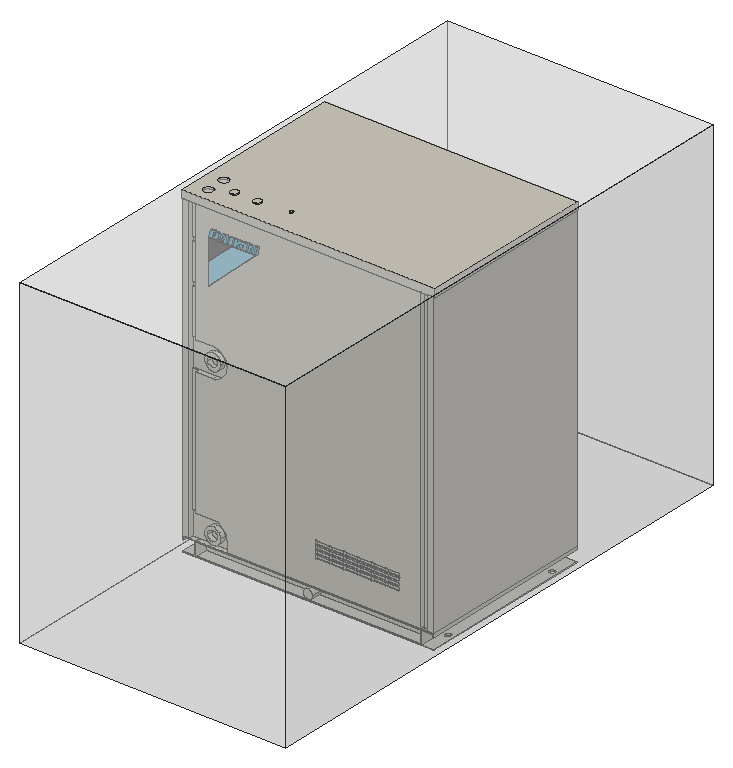
Revit family "outputfile", category 機械設備, Revit 2024
Family settings
  丸型コネクタ寸法 = 半径を使用
  種別 = なし
  パーツ タイプ = 標準
  OmniClass 番号 = 23.75.10.24.21.27.27
  OmniClass タイトル = Split System Air Conditioning Units
  作業面ベース = いいえ
  常に垂直 = はい
  ロード時にボイドで切り取り = いいえ
  注釈の向きを維持 = いいえ
  共有 = いいえ
  部屋計算ポイント = いいえ
Parameters (values of type "RWEYQ10TY1S")
  製造元 = "Daikin"
  書き出し IFC クラス(タイプ) = "IfcUnitaryEquipmentType"
  定義済み IFC タイプ(タイプ) = "AIRCONDITIONINGUNIT"
  モデル = "RWEYQ10TY1S"
  switch_unit1_6-8 = no
  switch_unit1_12 = no
  switch_unit1_10 = yes
  r_Water Outlet Pipe Connection_unit = Water Outlet Pipe Connection_Unit1 / 2  # 15.9 mm
  r_Water Inlet Pipe Connection_unit = Water Inlet Pipe Connection_Unit1 / 2  # 15.9 mm
  r_Drain Pipe Size = Drain Pipe Size / 2  # 6.35 mm
  lw_Water Outlet = 95.0 mm
  lw_Water Inlet = 95.0 mm
  lw_Drain = 390.0 mm
  angle_Drain [instance] = if(Rear Connection_Drain, 180.00°, 0.00°)  # 0.00°
  r_HP/LP Gas Pipe Size [instance] = [HP/LP Gas Pipe Size_Unit 1] / 2  # 11.1 mm
  lw_HP/LP Gas Pipe [instance] = if(Heat Pump, 178.0 mm, 107.0 mm)  # 178.0 mm
  ld_HP/LP Gas Pipe = 69.0 mm
  h_mountinghole = [h_***] + 2.3 mm  # 2.3 mm
  r_Liquid Pipe Size = Liquid Pipe Size_Unit 1 / 2  # 4.75 mm
  r_Gas Pipe Size = Gas Pipe Size_Unit 1 / 2  # 11.1 mm
  Water Outlet Pipe Connection_Unit1 = 31.8 mm
  Water Inlet Pipe Connection_Unit1 = 31.8 mm
  Voltage_comment_50Hz = "380-415"
  Voltage_50Hz = 400 V
  Top Connection_powersupply2 [instance] = not(Top Connection_powersupply1)  # no
  Sound Power Level (dB) = 71
  Rear Connection_Drain [instance] = not(Front Connection_Drain)  # no
  Power Input (Heating) = 5.600 kW
  Phase_50Hz = 3
  Nominal Heating Capacity = 31.500 kW
  Minimum Circuit Amps_50Hz = 13.6 A
  Maximum Fuse Amps_50Hz = 15.0 A
  Material_Heat Exchanger = DAIKIN_Blue_HE_outdoorunit
  Material_Casing = DAIKIN_IvoryWhite_Casing_outdoorunit
  lw_powersupply = 51.0 mm
  lw_liquidpipe = 274.0 mm
  lw_gaspipe [instance] = if(Heat Pump, 107.0 mm, 178.0 mm)  # 107.0 mm
  lh_powersupply = 940.0 mm
  ld_powersupply [instance] = if(Top Connection_powersupply1, 38.0 mm, 98.0 mm)  # 38.0 mm
  ld_liquidpipe = 79.0 mm
  ld_gaspipe = 69.0 mm
  h_*** = 0.0 mm
  Width = 780.0 mm
  Version = "ver.1.0"
  Unit Type = ""
  Unit Mass Weight = 147.00 kg
  Unit Designation [instance] = ""
  Uniclass2015Version = "Products v1.30"
  Uniclass2015Title = "Variable refrigerant flow units"
  Uniclass2015Code = "Pr_70_65_03_94"
  Total Cooling Capacity [instance] = 0.000 kW
  Sound Pressure Level (dBA) = 51
  Series = "VRV Heat Recovery"
  Refrigerant_Base Charge = 4.200 kg
  Refrigerant_Additional Charge [instance] = 0.000 kg
  Refrigerant Type = "R410A"
  Power Input (Cooling) = 5.430 kW
  Option Accessory 3 [instance] = ""
  Option Accessory 2 [instance] = ""
  Option Accessory 1 [instance] = ""
  Nominal Cooling Capacity = 28.000 kW
  Load Classification = HVAC
  Liquid Pipe Size_Unit 1 = 9.5 mm
  Link_Nested Family [instance] = ""
  IfcVersion = ""
  IfcExportType = "AIRCONDITIONINGUNIT"
  IfcExportAs = "IfcUnitaryEquipmentType"
  Height = 1000.0 mm
  Heat Recovery [instance] = not(Heat Pump)  # no
  Heat Pump [instance] = yes
  Heat Exchanger Type = "Stainless Steel Plate"
  HP/LP Gas Pipe Size_Unit 1 [instance] = if(and(Heat Pump, [switch_unit1_6-8]), 19.1 mm, if(and(Heat Pump, switch_unit1_10), 22.2 mm, if(and(Heat Pump, switch_unit1_12), 22.2 mm, if(and(Heat Recovery, [switch_unit1_6-8]), 15.9 mm, if(and(Heat Recovery, switch_unit1_10), 19.1 mm, if(and(Heat Recovery, switch_unit1_12), 19.1 mm, 19.1 mm))))))  # 22.2 mm
  Gas Pipe Size_Unit 1 = 22.2 mm
  Top Connection_powersupply1 [instance] = yes
  Front Connection_Drain [instance] = yes
  Frequency_50Hz = 50 Hz
  Drain Pipe Size = 12.7 mm
  Depth = 550.0 mm
  既定の高さ = 0.0 mm
  Cooling Ambient Wet Bulb Temperature [instance] = 0.00 °C
  Cooling Ambient Dry Bulb Temperature [instance] = 0.00 °C
  Compressor Type = "Hermetically Sealed Scroll Type"
  Clearance visibility [instance] = yes
  Clearance Top = 0.0 mm
  Clearance Right = 20.0 mm
  Clearance Rear = 500.0 mm
  Clearance Left = 20.0 mm
  Clearance Front = 600.0 mm
  Clearance Bottom = 0.0 mm
  CU Tag No. [instance] = ""
Reference planes
  plane 1 "Center (Front/Back)": y = 0
  plane 2 "h_***": z = 0
  plane 3 "Center (Left/Right)": x = 0
  plane 4 "Back": y = 275
  plane 5 "Front": y = -275
  plane 6 "Left": x = -390
  plane 7 "Right": x = 390
  plane 8 "Top": z = 1000
  plane 9 "Clearance Rear": y = 775
  plane 10 "Clearance Front": y = -875
  plane 11 "Clearance Left": x = -410
  plane 12 "Clearance Right": x = 410
  plane 13 "Clearance Top": z = 1000
  plane 14 "Clearance Bottom": z = 0
  plane 15 "Bottom": z = 0
  plane 16 "lw_powersupply": x = -339
  plane 17 "ld_powersupply": y = -237
  plane 18 "lw_liquidpipe": x = -116
  plane 19 "Rear Connection_refrigetant": y = -196
  plane 20 "lw_gaspipe": x = -283
  plane 21 "ld_gaspipe": y = -206
  plane 22 "lh_logo": z = 900
  plane 23 "lw_logo": x = 100
  plane 24 "lh_powersupply": z = 940
  plane 25 "lw_HP/LP Gas Pipe": x = -212
  plane 26 "ld_HP/LP Gas Pipe": y = -206
  plane 27 "lw_Water Inlet": x = -295
  plane 28 "lw_Water Outlet": x = -295
  plane 29 "lw_Drain": x = 0
Dimensions and locks
  equal spacing: plane 4 "Back", plane 1 "Center (Front/Back)", plane 5 "Front"
  "Depth": plane 4 "Back" to plane 5 "Front"
  equal spacing: plane 6 "Left", plane 3 "Center (Left/Right)", plane 7 "Right"
  "Width": plane 6 "Left" to plane 7 "Right"
  "Clearance Rear": plane 9 "Clearance Rear" to plane 4 "Back"
  "Clearance Front": plane 10 "Clearance Front" to plane 5 "Front"
  "Clearance Left": plane 11 "Clearance Left" to plane 6 "Left"
  "Clearance Right": plane 7 "Right" to plane 12 "Clearance Right"
  "Clearance Top": plane 13 "Clearance Top" to plane 8 "Top"
  "h_***": plane 15 "Bottom" to plane 2 "h_***"
  "Height": plane 8 "Top" to plane 15 "Bottom"
  "Clearance Bottom": plane 15 "Bottom" to plane 14 "Clearance Bottom"
  "ld_powersupply": plane 17 "ld_powersupply" to plane 5 "Front"
  "ld_liquidpipe": plane 19 "Rear Connection_refrigetant" to plane 5 "Front"
  "ld_gaspipe": plane 21 "ld_gaspipe" to plane 5 "Front"
  locked: plane 23 "lw_logo" to plane 7 "Right" at 290
  locked: plane 22 "lh_logo" to plane 15 "Bottom" at 900
  "lw_gaspipe": plane 6 "Left" to plane 20 "lw_gaspipe"
  "lw_liquidpipe": plane 6 "Left" to plane 18 "lw_liquidpipe"
  "lw_powersupply": plane 6 "Left" to plane 16 "lw_powersupply"
  "lh_powersupply": plane 24 "lh_powersupply" to plane 15 "Bottom"
  "lw_HP/LP Gas Pipe": plane 6 "Left" to plane 25 "lw_HP/LP Gas Pipe"
  "ld_HP/LP Gas Pipe": plane 26 "ld_HP/LP Gas Pipe" to plane 5 "Front"
  "lw_Water Inlet": plane 6 "Left" to plane 27 "lw_Water Inlet"
  "lw_Water Outlet": plane 6 "Left" to plane 28 "lw_Water Outlet"
  "lw_Drain": plane 6 "Left" to plane 29 "lw_Drain"
  aligned and locked: level to plane 2 "h_***"
  aligned and locked: plane 9 "Clearance Rear" to nested 2
  aligned and locked: nested 2 to plane 10 "Clearance Front"
  aligned and locked: plane 11 "Clearance Left" to nested 2
  aligned and locked: plane 12 "Clearance Right" to nested 2
  aligned and locked: plane 13 "Clearance Top" to nested 2
  aligned and locked: plane 14 "Clearance Bottom" to nested 2
  aligned and locked: plane 8 "Top" to nested 1
  aligned and locked: plane 22 "lh_logo" to nested 7
  aligned and locked: nested 8 to plane 16 "lw_powersupply"
  aligned and locked: nested 9 to plane 20 "lw_gaspipe"
  aligned and locked: nested 10 to plane 18 "lw_liquidpipe"
  aligned and locked: nested 10 to plane 19 "Rear Connection_refrigetant"
  aligned and locked: nested 9 to plane 21 "ld_gaspipe"
  aligned and locked: nested 8 to plane 17 "ld_powersupply"
  aligned and locked: plane 5 "Front" to nested 7
  aligned and locked: plane 24 "lh_powersupply" to nested 8
  aligned and locked: plane 1 "Center (Front/Back)" to nested 11
  aligned and locked: plane 1 "Center (Front/Back)" to nested 12
  aligned and locked: plane 1 "Center (Front/Back)" to nested 13
  aligned and locked: plane 27 "lw_Water Inlet" to nested 11
  aligned and locked: plane 28 "lw_Water Outlet" to nested 12
  aligned and locked: plane 29 "lw_Drain" to nested 13
  aligned and locked: plane 25 "lw_HP/LP Gas Pipe" to nested 14
  aligned and locked: nested 14 to plane 26 "ld_HP/LP Gas Pipe"
Nested families
  nested 1: "DAIKIN_outdoorunit_RWEYQ-TY1S" at (-31, 0, 0), h_*** <- "h_***", Link_Nest <- "Link_Nested Family", h_mountinghole <- "h_mountinghole", Width <- "Width", type "RWEYQ-TY1S"
    with show_fixedhole yes, h_mountinghole 2.3 mm, h_antenna_mountinghole 998.7 mm, h_*** 0.0 mm, array_bolt 5, Width 780.0 mm, Link_Nest "", switch_unit1_6-8 no, switch_unit1_10 yes, Heat Recovery no, Heat Pump yes, HP/LP Pipe Size_Unit 1_L 178.0 mm, HP/LP Pipe Size_Unit 1 22.2 mm, Gas Pipe Size_Unit 1_L 107.0 mm, Gas Pipe Size_Unit 1 22.2 mm
  nested 2: "daikin_clearancespace" at (0, -50, 500.119), visible <- "Clearance visibility", show <- "Clearance visibility", Link_Nested Family <- "Link_Nested Family", type "daikin_clearancespace"
    with width 820.0 mm, show yes, height 1000.0 mm, depth 1650.0 mm, Link_Nested Family ""
  nested 3: "daikin_mountinghole" at (-372, 200, 0), type "daikin_mountinghole"
    with show yes, l_antenna 998.7 mm, h_mountinghole 2.3 mm, Link_Nested Family ""
  nested 4: "daikin_mountinghole" at (372, 200, 0), type "daikin_mountinghole"
    with show yes, l_antenna 998.7 mm, h_mountinghole 2.3 mm, Link_Nested Family ""
  nested 5: "daikin_mountinghole" at (-372, -200, 0), type "daikin_mountinghole"
    with show yes, l_antenna 998.7 mm, h_mountinghole 2.3 mm, Link_Nested Family ""
  nested 6: "daikin_mountinghole" at (372, -200, 0), type "daikin_mountinghole"
    with show yes, l_antenna 998.7 mm, h_mountinghole 2.3 mm, Link_Nested Family ""
  nested 7: "daikin_logo_elevation_w150" at (-212.5, -275, 744.568), type "daikin_logo_elevation_w150"
    with show_logo yes
  nested 8: "daikin_connector_rotate3" at (-339, -237, 940) x (-1, 0, 0) z (0, 0, -1), type "daikin_connector_rotate3"
    with show no, radius 10.0 mm, length 60.0 mm, angle_vertical 0.00°, angle_horizontal 0.00°
  nested 9: "daikin_connector_rotate3" at (-283, -206, 940) x (-1, 0, 0) z (0, 0, -1), radius <- "r_Gas Pipe Size", type "daikin_connector_rotate3"
    with show no, radius 11.1 mm, length 60.0 mm, angle_vertical 0.00°, angle_horizontal 0.00°
  nested 10: "daikin_connector_rotate3" at (-116, -196, 940) x (-1, 0, 0) z (0, 0, -1), radius <- "r_Liquid Pipe Size", type "daikin_connector_rotate3"
    with show no, radius 4.75 mm, length 60.0 mm, angle_vertical 0.00°, angle_horizontal 0.00°
  nested 11: "daikin_connector_rotate3" at (-295, 0, 76), radius <- "r_Water Inlet Pipe Connection_unit", type "daikin_connector_rotate3"
    with show no, radius 15.9 mm, length 275.0 mm, angle_vertical 90.00°, angle_horizontal 0.00°
  nested 12: "daikin_connector_rotate3" at (-295, 0, 556), radius <- "r_Water Outlet Pipe Connection_unit", type "daikin_connector_rotate3"
    with show no, radius 15.9 mm, length 275.0 mm, angle_vertical 90.00°, angle_horizontal 0.00°
  nested 13: "daikin_connector_rotate3" at (0, 0, 19), angle_horizontal <- "angle_Drain", radius <- "r_Drain Pipe Size", type "daikin_connector_rotate3"
    with show no, radius 6.35 mm, length 275.0 mm, angle_vertical 90.00°, angle_horizontal 0.00°
  nested 14: "daikin_connector_rotate3" at (-212, -206, 940) x (1, 0, 0) z (0, 0, -1), radius <- "r_HP/LP Gas Pipe Size", type "daikin_connector_rotate3"
    with show no, radius 11.1 mm, length 60.0 mm, angle_vertical 0.00°, angle_horizontal 0.00°
Connectors
  piping at (-116, -196, 1000), diameter 9.5, driven by "r_Liquid Pipe Size"
    settings: on nested 10, index 12, connector inside diameter 609.6 mm, connector length 0.0 mm, flow factor 0, pipe flow 0.00 m³/h, pressure drop 0.0 Pa, fitting loss kfactor 0, connector angle 0.00°, fixture units 0, engagement length 0.0 mm, angle of deflection 0.00°, flow configuration 0, flow direction 2, fitting loss method 0, system type 29, joint type 0, gender type 0, connector reference index -1, connector utility 0, adjustable connector no, is connector primary no, connector description "Refrigerant Liquid Piping"
  electrical at (-339, -237, 1000), driven by "Load Classification"
    settings: on nested 8, index 13, voltage 0 V, apparent load 0 VA, apparent load phase1 0 VA, apparent load phase2 0 VA, apparent load phase3 0 VA, power factor 1, load classification "HVAC", number of poles 1, system type 30, power factor state 1, is connector primary yes, connector utility no, sub classification motor no, connector description "Power Supply"
  piping at (-295, -275, 556), diameter 31.8, driven by "r_Water Outlet Pipe Connection_unit"
    settings: on nested 12, index 15, connector inside diameter 609.6 mm, connector length 0.0 mm, flow factor 0, pipe flow 0.00 m³/h, pressure drop 0.0 Pa, fitting loss kfactor 0, connector angle 0.00°, fixture units 0, engagement length 0.0 mm, angle of deflection 0.00°, flow configuration 1, flow direction 2, fitting loss method 0, system type 8, joint type 0, gender type 0, connector reference index -1, connector utility 0, adjustable connector no, is connector primary no, connector description "Cooling Water Outlet Piping"
  piping at (-295, -275, 76), diameter 31.8, driven by "r_Water Inlet Pipe Connection_unit"
    settings: on nested 11, index 16, connector inside diameter 609.6 mm, connector length 0.0 mm, flow factor 0, pipe flow 0.00 m³/h, pressure drop 0.0 Pa, fitting loss kfactor 0, connector angle 0.00°, fixture units 0, engagement length 0.0 mm, angle of deflection 0.00°, flow configuration 1, flow direction 1, fitting loss method 0, system type 7, joint type 0, gender type 0, connector reference index -1, connector utility 0, adjustable connector no, is connector primary no, connector description "Cooling Water Inlet  Piping"
  piping at (0, -275, 19), diameter 12.7, driven by "r_Drain Pipe Size"
    settings: on nested 13, index 17, connector inside diameter 609.6 mm, connector length 0.0 mm, flow factor 0, pipe flow 0.00 m³/h, pressure drop 0.0 Pa, fitting loss kfactor 0, connector angle 0.00°, fixture units 0, engagement length 0.0 mm, angle of deflection 0.00°, flow configuration 1, flow direction 2, fitting loss method 4, system type 16, joint type 0, gender type 0, connector reference index -1, connector utility 0, adjustable connector no, is connector primary no, connector description "Condensate Drain Piping"
  piping at (-212, -206, 1000), diameter 22.2, driven by "r_HP/LP Gas Pipe Size"
    settings: on nested 14, index 19, connector inside diameter 609.6 mm, connector length 0.0 mm, flow factor 0, pipe flow 0.00 m³/h, pressure drop 0.0 Pa, fitting loss kfactor 0, connector angle 0.00°, fixture units 0, engagement length 0.0 mm, angle of deflection 0.00°, flow configuration 0, flow direction 0, fitting loss method 0, system type 29, joint type 0, gender type 0, connector reference index -1, connector utility 0, adjustable connector no, is connector primary no, connector description "Refrigerant HP/LP Gas Piping"
  piping at (-283, -206, 1000), diameter 22.2, driven by "r_Gas Pipe Size"
    settings: on nested 9, index 20, connector inside diameter 609.6 mm, connector length 0.0 mm, flow factor 0, pipe flow 0.00 m³/h, pressure drop 0.0 Pa, fitting loss kfactor 0, connector angle 0.00°, fixture units 0, engagement length 0.0 mm, angle of deflection 0.00°, flow configuration 0, flow direction 1, fitting loss method 0, system type 29, joint type 0, gender type 0, connector reference index -1, connector utility 0, adjustable connector no, is connector primary yes, connector description "Refrigerant Gas Piping"
Definition of nested family "DAIKIN_outdoorunit_RWEYQ-TY1S"
  Parameters (values of type "RWEYQ-TY1S")
    w_wiremesh_right = 668.0 mm  # constant formula
    w_wiremesh_left = 590.0 mm  # constant formula
    w_wiremesh_front = 248.0 mm  # constant formula
    switch_unit1_6-8 = yes
    switch_unit1_12 = no
    switch_unit1_10 = no
    show_fixedhole [instance] = yes
    material_heatexchanger = none
    material_casing = none
    ld_hole1_bottom = 154.0 mm  # constant formula
    h_wiremesh = 900.0 mm  # constant formula
    h_mountinghole [instance] = 2.3 mm
    h_antenna_mountinghole [instance] = Height + 1.0 mm - 2.3 mm  # 998.7 mm
    h_*** [instance] = 0.0 mm
    array_bolt [instance] = 5
    Width [instance] = 780.0 mm
    Liquid Pipe Size_Unit 1 = if([switch_unit1_6-8], 9.5 mm, if(switch_unit1_10, 9.5 mm, if(switch_unit1_12, 12.7 mm, 9.5 mm)))  # 9.5 mm
    Link_Nest [instance] = ""
    Height = 1000.0 mm
    Heat Recovery = not(Heat Pump)  # yes
    Heat Pump = no
    HP/LP Pipe Size_Unit 1_L = if(Heat Pump, 178.0 mm, 107.0 mm)  # 107.0 mm
    HP/LP Pipe Size_Unit 1 = if(Heat Recovery, if([switch_unit1_6-8], 15.9 mm, if(switch_unit1_10, 19.1 mm, if(switch_unit1_12, 19.1 mm, 15.9 mm))), if([switch_unit1_6-8], 19.1 mm, if(switch_unit1_10, 22.2 mm, if(switch_unit1_12, 22.2 mm, 19.1 mm))))  # 15.9 mm
    Gas Pipe Size_Unit 1_L = if(Heat Pump, 107.0 mm, 178.0 mm)  # 178.0 mm
    Gas Pipe Size_Unit 1_H = 60.0 mm  # constant formula
    Gas Pipe Size_Unit 1 = if([switch_unit1_6-8], 19.1 mm, if(switch_unit1_10, 22.2 mm, if(switch_unit1_12, 22.2 mm, 19.1 mm)))  # 19.1 mm
    Depth = 550.0 mm
    Default Elevation = 0.0 mm
  Reference planes
    plane 1 "Center (Front/Back)": y = 0
    plane 2 "reference_level": z = 0
    plane 3 "Center (Left/Right)": x = 31
    plane 4 "Bottom": z = 0
    plane 5: x = 421
    plane 6: x = -359
    plane 7 "Back": y = 275
    plane 8 "Front": y = -275
    plane 9: z = 1000
    plane 10: z = 976
    plane 11: y = -255
    plane 12: y = 255
    plane 13: x = -337
    plane 14: x = 399
    plane 15: x = -341
    plane 16: z = 45
    plane 17: x = 403
    plane 18: y = 200
    plane 19: y = -200
    plane 20: z = 1060
    plane 21: z = 19
    plane 22: z = 1000
    plane 23: z = 940
  Forms (mm)
    Extrusion 1, solid, material <- "material_heatexchanger"
      sketch origin (0, 0, 0) x (1, 0, 0) y (0, 1, 0)
        loop
          line (-337, 255) -> (-337, -255) -> (399, -255) -> (399, 255) -> (-337, 255)
      from 54 to 976
    Extrusion 2, void
      sketch origin (0, 350, 0) x (1, 0, 0) y (0, 1, 0)
        loop
          circle (-341, -150) r 8.5
        loop
          circle (403, -150) r 8.5
        loop
          circle (403, -550) r 8.5
        loop
          circle (-341, -550) r 8.5
      from 0 to 29.064
    Extrusion 3, solid, material <- "material_casing"
      sketch origin (620, -305, 0) x (-1, 0, 0) y (0, 0, 1)
        loop
          line (204.3, 35.061) -> (204.3, 42.7) -> (239.7, 42.7) -> (239.7, 2.3) -> (201, 2.3) -> (201, 0) -> (242, 0) -> (242, 45) -> (201, 45) -> (201, 35.061) -> (204.3, 35.061)
        loop
          line (973.7, 35.061) -> (977, 35.061) -> (977, 45) -> (936, 45) -> (936, 0) -> (977, 0) -> (977, 2.3) -> (938.3, 2.3) -> (938.3, 42.7) -> (973.7, 42.7) -> (973.7, 35.061)
      from 30 to 580
    Extrusion 4, solid, material <- "material_casing"
      sketch origin (31, 0, 0) x (0, 1, 0) y (0, 0, 1)
        loop
          line (-275, 45) -> (-275, 42.7) -> (-236.3, 42.7) -> (-236.3, 2.3) -> (-275, 2.3) -> (-275, 0) -> (-234, 0) -> (-234, 45) -> (-275, 45)
        loop
          line (275, 45) -> (234, 45) -> (234, 0) -> (275, 0) -> (275, 2.3) -> (236.3, 2.3) -> (236.3, 42.7) -> (275, 42.7) -> (275, 45)
      from -347 to 347
    Extrusion 5, solid, material <- "material_casing"
      sketch origin (0, 0, 0) x (1, 0, 0) y (0, 1, 0)
        loop
          circle (-85, -196) r 4.75
        loop
          circle (-252, -206) r 7.95
      from 940 to 1000
    Extrusion 6, solid, material <- "material_casing"
      sketch origin (-663.497, -190, 1200) x (-1, 0, 0) y (0, 0, 1)
        loop
          circle (-694.497, -1181) r 14
      from -85 to -46.3
    Extrusion 7, solid, material <- "material_casing"
      sketch origin (-663.497, 321.3, 1200) x (-1, 0, 0) y (0, 0, 1)
        loop
          circle (-694.497, -1181) r 14
      from -85 to -46.3
    Extrusion 8, solid, material <- "material_casing"
      sketch origin (0, -500, 0) x (1, 0, 0) y (0, 1, 0)
        loop
          circle (-181, 294) r 9.55
      from 940 to 1000
  Cuts and joins
    Extrusion 2 cuts Extrusion 3
  Dimensions and locks
    equal spacing: plane 6, plane 3 "Center (Left/Right)", plane 5
    "Width": plane 6 to plane 5
    locked: plane 9 to plane 10 at 24
    "Depth": plane 8 "Front" to plane 7 "Back"
    equal spacing: plane 7 "Back", plane 1 "Center (Front/Back)", plane 8 "Front"
    locked: plane 12 to plane 7 "Back" at 20
    locked: plane 11 to plane 8 "Front" at 20
    locked: plane 6 to plane 13 at 22
    locked: plane 14 to plane 5 at 22
    locked: plane 6 to plane 15 at 18
    "h_***": plane 4 "Bottom" to plane 2 "reference_level"
    locked: plane 16 to plane 4 "Bottom" at 45
    "Height": plane 9 to plane 4 "Bottom"
    locked: plane 5 to Extrusion 3 sketch curve at 2  (x2)
    locked: Extrusion 3 sketch curve to Extrusion 3 sketch curve at 41  (x2)
    locked: Extrusion 3 sketch curve to Extrusion 3 sketch curve at 3.3  (x2)
    locked: Extrusion 3 sketch curve to plane 6 at 2  (x2)
    locked: plane 8 "Front" to Extrusion 4 sketch curve at 41
    locked: Extrusion 4 sketch curve to plane 7 "Back" at 41
    locked: plane 17 to plane 5 at 18
    plane 19 to plane 8 "Front" = 75.0 mm
    locked: plane 18 to plane 7 "Back" at 75
    locked: Extrusion 5 sketch curve to plane 8 "Front" at 79
    locked: plane 6 to Extrusion 5 sketch curve at 274
    "HP/LP Pipe Size_Unit 1_L": plane 6 to Extrusion 5 sketch curve
    locked: Extrusion 5 sketch curve to plane 8 "Front" at 69
    locked: plane 20 to plane 9 at 60
    locked: plane 21 to plane 4 "Bottom" at 19
    locked: Extrusion 8 sketch curve to plane 8 "Front" at 69
    "Gas Pipe Size_Unit 1_L": plane 6 to Extrusion 8 sketch curve
    locked: plane 22 to plane 23 at 60
    "Gas Pipe Size_Unit 1_H": plane 20 to plane 22
    "HP/LP Pipe Size_Unit 1": diameter of Extrusion 5 sketch curve
    "Liquid Pipe Size_Unit 1": diameter of Extrusion 5 sketch curve
    "Gas Pipe Size_Unit 1": diameter of Extrusion 8 sketch curve
    aligned and locked: level to plane 2 "reference_level"
    aligned and locked: plane 12 to Extrusion 1 sketch curve
    aligned and locked: plane 11 to Extrusion 1 sketch curve
    aligned and locked: plane 13 to Extrusion 1 sketch curve
    aligned and locked: plane 14 to Extrusion 1 sketch curve
    aligned and locked: plane 10 to Extrusion 1
    aligned and locked: plane 11 to nested 1
    aligned and locked: plane 10 to nested 4
    aligned and locked: nested 5 to plane 9
    aligned and locked: plane 10 to nested 3
    aligned and locked: plane 10 to nested 2
    aligned and locked: plane 13 to nested 4
    aligned and locked: plane 14 to nested 2
    aligned and locked: plane 12 to nested 3
    aligned and locked: plane 15 to nested 7
    aligned and locked: plane 15 to nested 9
    aligned and locked: plane 8 "Front" to nested 5
    aligned and locked: plane 6 to nested 5
    aligned and locked: plane 10 to nested 1
    aligned and locked: plane 13 to nested 1
    aligned and locked: nested 2 to plane 1 "Center (Front/Back)"
    aligned and locked: nested 3 to plane 3 "Center (Left/Right)"
    aligned and locked: plane 1 "Center (Front/Back)" to nested 4
    aligned and locked: nested 6 to plane 3 "Center (Left/Right)"
    aligned and locked: plane 1 "Center (Front/Back)" to nested 6
    aligned and locked: plane 16 to Extrusion 3 sketch curve
    aligned and locked: Extrusion 3 sketch curve to plane 4 "Bottom"
    aligned and locked: Extrusion 3 sketch curve to plane 16
    aligned and locked: plane 4 "Bottom" to Extrusion 3 sketch curve
    aligned and locked: Extrusion 3 to plane 7 "Back"
    aligned and locked: Extrusion 3 to plane 8 "Front"
    aligned and locked: plane 8 "Front" to Extrusion 4 sketch curve  (x2)
    aligned and locked: plane 4 "Bottom" to Extrusion 4 sketch curve
    aligned and locked: Extrusion 4 sketch curve to plane 16
    aligned and locked: Extrusion 4 sketch curve to plane 7 "Back"  (x2)
    aligned and locked: plane 18 to Extrusion 2 sketch curve  (x2)
    aligned and locked: plane 15 to Extrusion 2 sketch curve  (x2)
    aligned and locked: plane 17 to Extrusion 2 sketch curve  (x2)
    aligned and locked: plane 17 to nested 8
    aligned and locked: plane 18 to nested 8
    aligned and locked: plane 18 to nested 7
    aligned and locked: nested 7 to plane 15
    aligned and locked: nested 9 to plane 19
    aligned and locked: nested 9 to plane 15
    aligned and locked: nested 10 to plane 19
    aligned and locked: plane 17 to nested 10
    aligned and locked: plane 19 to Extrusion 2 sketch curve  (x2)
    aligned and locked: plane 3 "Center (Left/Right)" to Extrusion 6 sketch curve
    aligned and locked: plane 21 to Extrusion 6 sketch curve
    aligned and locked: plane 22 to Extrusion 8
    aligned and locked: Extrusion 8 to plane 23
    aligned and locked: Extrusion 5 to plane 23
    aligned and locked: Extrusion 5 to plane 22
  Automatic sketch dimensions
    Extrusion 3 sketch curve to Extrusion 3 sketch curve = 2.3 mm  (x2)
    level to Extrusion 3 sketch curve = 2.3 mm  (x2)
    Extrusion 3 sketch curve to plane 16 = 9.939 mm  (x2)
    Extrusion 3 sketch curve to plane 16 = 2.3 mm  (x2)
    Extrusion 4 sketch curve to level = 0.0 mm
    Extrusion 4 sketch curve to plane 16 = 0.0 mm
    Extrusion 4 sketch curve to Extrusion 4 sketch curve = 2.3 mm  (x2)
    level to Extrusion 4 sketch curve = 2.3 mm  (x2)
    Extrusion 4 sketch curve to plane 16 = 2.3 mm  (x2)
    Extrusion 7 sketch curve to plane 3 "Center (Left/Right)" = 0.0 mm
    Extrusion 7 sketch curve to plane 21 = 0.0 mm
    radius of Extrusion 2 sketch curve = 8.5 mm  (x4)
    radius of Extrusion 6 sketch curve = 14.0 mm
    radius of Extrusion 7 sketch curve = 14.0 mm
  Nested families
    nested 1: "outdoorunit_frontpanel" at (-337, -265, 45), material <- "material_casing", type "frontpanel1"
      with material none
    nested 2: "outdoorunit_rightpanel1" at (409, -275, 45) x (0, 1, 0) z (0, 0, 1), material <- "material_casing", type "frontpanel1"
      with material none
    nested 3: "outdoorunit_backpanel" at (399, 265, 45) x (-1, 0, 0) z (0, 0, 1), material <- "material_casing", type "frontpanel1"
      with material none
    nested 4: "outdoorunit_leftpanel" at (-347, 275, 45) x (0, -1, 0) z (0, 0, 1), material <- "material_casing", type "frontpanel1"
      with material none
    nested 5: "outdoorunit_uppanel" at (-359, -275, 988) x (1, 0, 0) z (0, 1, 0), material <- "material_casing", type "frontpanel1"
      with material none
    nested 6: "outdoorunit_downpanel" at (399, 255, 56) x (-1, 0, 0) z (0, -1, 0), material <- "material_casing", type "frontpanel1"
      with material none
    nested 7: "daikin_mountinghole" at (-341, 200, 0), visible <- "show_fixedhole", Link_Nested Family <- "Link_Nest", l_antenna <- "h_antenna_mountinghole", h_mountinghole <- "h_mountinghole", type "daikin_mountinghole"
      with show yes, l_antenna 998.7 mm, h_mountinghole 2.3 mm, Link_Nested Family ""
    nested 8: "daikin_mountinghole" at (403, 200, 0), visible <- "show_fixedhole", Link_Nested Family <- "Link_Nest", l_antenna <- "h_antenna_mountinghole", h_mountinghole <- "h_mountinghole", type "daikin_mountinghole"
      with show yes, l_antenna 998.7 mm, h_mountinghole 2.3 mm, Link_Nested Family ""
    nested 9: "daikin_mountinghole" at (-341, -200, 0), visible <- "show_fixedhole", Link_Nested Family <- "Link_Nest", l_antenna <- "h_antenna_mountinghole", h_mountinghole <- "h_mountinghole", type "daikin_mountinghole"
      with show yes, l_antenna 998.7 mm, h_mountinghole 2.3 mm, Link_Nested Family ""
    nested 10: "daikin_mountinghole" at (403, -200, 0), visible <- "show_fixedhole", Link_Nested Family <- "Link_Nest", l_antenna <- "h_antenna_mountinghole", h_mountinghole <- "h_mountinghole", type "daikin_mountinghole"
      with show yes, l_antenna 998.7 mm, h_mountinghole 2.3 mm, Link_Nested Family ""
  Definition of nested family "outdoorunit_frontpanel"
    Parameters (values of type "frontpanel1")
      width = 736.0 mm
      material [instance] = none
      height1 = 931.0 mm
      depth = 20.0 mm
      Default Elevation = 0.0 mm
    Reference planes
      plane 1 "Center (Front/Back)": y = 0
      plane 2 "Bottom": z = 0
      plane 3: x = 0
      plane 4 "Back": y = 10
      plane 5 "Front": y = -10
      plane 6: x = 736
      plane 7 "Top": z = 931
      plane 8 "Left": x = 0
      plane 9 "Center L/S": y = 5
      plane 10 "Center L/T": y = -5
    Forms (mm)
      Extrusion 1, solid, material <- "material"
        sketch origin (0, 0, 0) x (1, 0, 0) y (0, 1, 0)
          loop
            line (0, 10) -> (0, -10) -> (736, -10) -> (736, 10) -> (0, 10)
        from 0 to 931
      Extrusion 2, void
        sketch origin (0, 0, 0) x (1, 0, 0) y (0, 0, 1)
          loop
            line (0, 931) -> (0, 0) -> (21, 0) -> (21, 931) -> (0, 931)
          loop
            line (736, 931) -> (715, 931) -> (715, 0) -> (736, 0) -> (736, 931)
        from 0 to 250
      Extrusion 3, void
        sketch origin (0, 0, 0) x (1, 0, 0) y (0, 0, 1)
          loop
            line (2, 931) -> (-33, 931) -> (-33, -14) -> (118, -14) -> (118, 31)
            arc (118, 31) -> (104.82, 62.82) -> (73, 76) r 45
            line (73, 76) -> (2, 76) -> (2, 466) -> (73, 466)
            arc (73, 466) -> (118, 511) -> (73, 556) r 45
            line (73, 556) -> (2, 556) -> (2, 692) -> (10.5, 692)
            arc (10.5, 692) -> (18, 699.5) -> (10.5, 707) r 7.5
            line (10.5, 707) -> (2, 707) -> (2, 817) -> (10.5, 817)
            arc (10.5, 817) -> (18, 824.5) -> (10.5, 832) r 7.5
            line (10.5, 832) -> (2, 832) -> (2, 931)
        from -5 to 250
      Extrusion 4, void
        sketch origin (0, 0, 0) x (1, 0, 0) y (0, 0, 1)
          loop
            line (734, 931) -> (734, 0) -> (972.161, 0) -> (972.161, 931) -> (734, 931)
        from -5 to 250
      Extrusion 5, solid, material <- "material"
        sketch origin (0, 0, 0) x (1, 0, 0) y (0, 0, 1)
          loop
            circle (73, 511) r 25
          loop
            circle (73, 511) r 15.5
          loop
            circle (73, 31) r 25
          loop
            circle (73, 31) r 15.5
        from -5 to 10
      Extrusion 6, void
        sketch origin (0, 0, 0) x (1, 0, 0) y (0, 0, 1)
          loop
            line (390.8, 131) -> (390.8, 118.75) -> (433.5, 118.75) -> (433.5, 131) -> (390.8, 131)
          loop
            line (390.8, 80) -> (433.5, 80) -> (433.5, 92.25) -> (390.8, 92.25) -> (390.8, 80)
          loop
            line (390.8, 117.75) -> (390.8, 106) -> (433.5, 106) -> (433.5, 117.75) -> (390.8, 117.75)
          loop
            line (390.8, 105) -> (390.8, 93.25) -> (433.5, 93.25) -> (433.5, 105) -> (390.8, 105)
          loop
            line (476.7, 131) -> (434.5, 131) -> (434.5, 118.75) -> (476.7, 118.75) -> (476.7, 131)
          loop
            line (434.5, 80) -> (476.7, 80) -> (476.7, 92.25) -> (434.5, 92.25) -> (434.5, 80)
          loop
            line (434.5, 117.75) -> (434.5, 106) -> (476.7, 106) -> (476.7, 117.75) -> (434.5, 117.75)
          loop
            line (434.5, 105) -> (434.5, 93.25) -> (476.7, 93.25) -> (476.7, 105) -> (434.5, 105)
          loop
            line (519.9, 131) -> (477.7, 131) -> (477.7, 118.75) -> (519.9, 118.75) -> (519.9, 131)
          loop
            line (477.7, 80) -> (519.9, 80) -> (519.9, 92.25) -> (477.7, 92.25) -> (477.7, 80)
          loop
            line (477.7, 117.75) -> (477.7, 106) -> (519.9, 106) -> (519.9, 117.75) -> (477.7, 117.75)
          loop
            line (477.7, 105) -> (477.7, 93.25) -> (519.9, 93.25) -> (519.9, 105) -> (477.7, 105)
          loop
            line (563.1, 131) -> (520.9, 131) -> (520.9, 118.75) -> (563.1, 118.75) -> (563.1, 131)
          loop
            line (520.9, 80) -> (563.1, 80) -> (563.1, 92.25) -> (520.9, 92.25) -> (520.9, 80)
          loop
            line (520.9, 117.75) -> (520.9, 106) -> (563.1, 106) -> (563.1, 117.75) -> (520.9, 117.75)
          loop
            line (520.9, 105) -> (520.9, 93.25) -> (563.1, 93.25) -> (563.1, 105) -> (520.9, 105)
          loop
            line (606.3, 131) -> (564.1, 131) -> (564.1, 118.75) -> (606.3, 118.75) -> (606.3, 131)
          loop
            line (564.1, 80) -> (606.3, 80) -> (606.3, 92.25) -> (564.1, 92.25) -> (564.1, 80)
          loop
            line (564.1, 117.75) -> (564.1, 106) -> (606.3, 106) -> (606.3, 117.75) -> (564.1, 117.75)
          loop
            line (564.1, 105) -> (564.1, 93.25) -> (606.3, 93.25) -> (606.3, 105) -> (564.1, 105)
          loop
            line (650, 131) -> (607.3, 131) -> (607.3, 118.75) -> (650, 118.75) -> (650, 131)
          loop
            line (607.3, 80) -> (650, 80) -> (650, 92.25) -> (607.3, 92.25) -> (607.3, 80)
          loop
            line (607.3, 117.75) -> (607.3, 106) -> (650, 106) -> (650, 117.75) -> (607.3, 117.75)
          loop
            line (607.3, 105) -> (607.3, 93.25) -> (650, 93.25) -> (650, 105) -> (607.3, 105)
        from 5 to 250
    Cuts and joins
      Extrusion 2, Extrusion 3, Extrusion 4, Extrusion 6 cuts Extrusion 1
    Dimensions and locks
      equal spacing: plane 4 "Back", plane 1 "Center (Front/Back)", plane 5 "Front"
      "depth": plane 4 "Back" to plane 5 "Front"
      "width": plane 8 "Left" to plane 6
      "height1": plane 7 "Top" to plane 2 "Bottom"
      locked: plane 8 "Left" to Extrusion 2 sketch curve at 21
      locked: Extrusion 2 sketch curve to plane 6 at 21
      locked: plane 9 "Center L/S" to plane 1 "Center (Front/Back)" at 5
      locked: Extrusion 3 sketch curve to Extrusion 3 sketch curve at 15  (x2)
      locked: plane 7 "Top" to Extrusion 3 sketch curve at 99
      locked: Extrusion 3 sketch curve to plane 8 "Left" at 10.5
      locked: Extrusion 3 sketch curve to Extrusion 3 sketch curve at 125
      locked: Extrusion 3 sketch curve to Extrusion 3 sketch curve at 90  (x2)
      locked: Extrusion 3 sketch curve to plane 8 "Left" at 73
      locked: Extrusion 3 sketch curve to Extrusion 3 sketch curve at 136
      locked: Extrusion 3 sketch curve to plane 2 "Bottom" at 76
      locked: Extrusion 3 sketch curve to Extrusion 3 sketch curve at 390
      locked: plane 6 to Extrusion 4 sketch curve at 2
      locked: plane 10 "Center L/T" to plane 1 "Center (Front/Back)" at 5
      aligned and locked: level to plane 2 "Bottom"
      aligned and locked: plane 8 "Left" to Extrusion 1 sketch curve
      aligned and locked: Extrusion 1 sketch curve to plane 4 "Back"
      aligned and locked: plane 5 "Front" to Extrusion 1 sketch curve
      aligned and locked: Extrusion 1 to plane 2 "Bottom"
      aligned and locked: plane 7 "Top" to Extrusion 1
      aligned and locked: plane 3 to plane 8 "Left"
      aligned and locked: plane 8 "Left" to Extrusion 2 sketch curve
      aligned and locked: Extrusion 2 sketch curve to plane 7 "Top"
      aligned and locked: plane 2 "Bottom" to Extrusion 2 sketch curve
      aligned and locked: Extrusion 2 sketch curve to plane 2 "Bottom"
      aligned and locked: plane 6 to Extrusion 2 sketch curve
      aligned and locked: plane 7 "Top" to Extrusion 2 sketch curve
      aligned and locked: Extrusion 2 to plane 1 "Center (Front/Back)"
      aligned and locked: plane 9 "Center L/S" to Extrusion 3
      aligned and locked: Extrusion 4 sketch curve to plane 7 "Top"
      aligned and locked: plane 2 "Bottom" to Extrusion 4 sketch curve
      aligned and locked: Extrusion 4 to plane 9 "Center L/S"
      aligned and locked: Extrusion 5 to plane 5 "Front"
      aligned and locked: plane 9 "Center L/S" to Extrusion 5
      aligned and locked: Extrusion 6 to plane 10 "Center L/T"
    Automatic sketch dimensions
      Extrusion 1 sketch curve to plane 6 = 0.0 mm
      Extrusion 3 sketch curve to plane 7 "Top" = 0.0 mm
      plane 3 to Extrusion 3 sketch curve = 2.0 mm  (x4)
      plane 3 to Extrusion 3 sketch curve = 10.5 mm
      Extrusion 3 sketch curve to Extrusion 3 sketch curve = 71.0 mm
      level to Extrusion 3 sketch curve = 31.0 mm
      Extrusion 3 sketch curve to plane 3 = 33.0 mm
      plane 6 to Extrusion 4 sketch curve = 236.161 mm
      Extrusion 5 sketch curve to Extrusion 5 sketch curve = 0.0 mm  (x4)
      plane 3 to Extrusion 5 sketch curve = 73.0 mm  (x2)
      level to Extrusion 5 sketch curve = 31.0 mm
      Extrusion 5 sketch curve to plane 7 "Top" = 420.0 mm
      level to Extrusion 6 sketch curve = 131.0 mm
      Extrusion 6 sketch curve to plane 6 = 345.2 mm
      Extrusion 6 sketch curve to Extrusion 6 sketch curve = 0.0 mm  (x40)
      Extrusion 6 sketch curve to Extrusion 6 sketch curve = 42.7 mm  (x2)
      Extrusion 6 sketch curve to Extrusion 6 sketch curve = 1.0 mm  (x32)
      Extrusion 6 sketch curve to Extrusion 6 sketch curve = 42.2 mm  (x4)
      Extrusion 6 sketch curve to Extrusion 6 sketch curve = 12.25 mm  (x7)
      Extrusion 6 sketch curve to Extrusion 6 sketch curve = 11.75 mm  (x9)
      radius of Extrusion 5 sketch curve = 25.0 mm  (x2)
      radius of Extrusion 5 sketch curve = 15.5 mm  (x2)
  Definition of nested family "outdoorunit_rightpanel1"
    Parameters (values of type "frontpanel1")
      width = 550.0 mm
      material [instance] = none
      height1 = 931.0 mm
      depth = 20.0 mm
      Default Elevation = 0.0 mm
    Reference planes
      plane 1 "Center (Front/Back)": y = 0
      plane 2 "Bottom": z = 0
      plane 3: x = 0
      plane 4 "Back": y = 10
      plane 5 "Front": y = -10
      plane 6: x = 550
      plane 7 "Top": z = 931
      plane 8 "Left": x = 0
      plane 9: y = -8.75
      plane 10: z = 639
      plane 11: y = -5.75
      plane 12: y = -2.551
      plane 13: y = -13
      plane 14: x = 275
    Forms (mm)
      Extrusion 1, solid, material <- "material"
        sketch origin (0, 0, 0) x (1, 0, 0) y (0, 1, 0)
          loop
            line (0, 10) -> (0, -10) -> (550, -10) -> (550, 10) -> (0, 10)
        from 0 to 931
    Dimensions and locks
      equal spacing: plane 4 "Back", plane 1 "Center (Front/Back)", plane 5 "Front"
      "depth": plane 4 "Back" to plane 5 "Front"
      "width": plane 8 "Left" to plane 6
      "height1": plane 7 "Top" to plane 2 "Bottom"
      locked: plane 10 to plane 2 "Bottom" at 639
      locked: plane 12 to plane 11 at 3.199
      plane 5 "Front" to plane 13 = 3.0 mm
      equal spacing: plane 8 "Left", plane 14, plane 6
      aligned and locked: level to plane 2 "Bottom"
      aligned and locked: plane 8 "Left" to Extrusion 1 sketch curve
      aligned and locked: Extrusion 1 sketch curve to plane 4 "Back"
      aligned and locked: plane 5 "Front" to Extrusion 1 sketch curve
      aligned and locked: Extrusion 1 to plane 2 "Bottom"
      aligned and locked: plane 7 "Top" to Extrusion 1
      aligned and locked: plane 3 to plane 8 "Left"
    Automatic sketch dimensions
      Extrusion 1 sketch curve to plane 6 = 0.0 mm
  Definition of nested family "outdoorunit_backpanel"
    Parameters (values of type "frontpanel1")
      width = 736.0 mm
      material [instance] = none
      height1 = 931.0 mm
      depth = 20.0 mm
      Default Elevation = 0.0 mm
    Reference planes
      plane 1 "Center (Front/Back)": y = 0
      plane 2 "Bottom": z = 0
      plane 3: x = 0
      plane 4 "Back": y = 10
      plane 5 "Front": y = -10
      plane 6: x = 736
      plane 7 "Top": z = 931
      plane 8 "Left": x = 0
      plane 9: z = 639
      plane 10: x = 368
    Forms (mm)
      Extrusion 1, solid, material <- "material"
        sketch origin (0, 0, 0) x (1, 0, 0) y (0, 1, 0)
          loop
            line (0, 10) -> (0, -10) -> (736, -10) -> (736, 10) -> (0, 10)
        from 0 to 931
      Extrusion 2, void
        sketch origin (0, 0, 0) x (1, 0, 0) y (0, 1, 0)
          loop
            line (0, -4) -> (0, -10) -> (21, -10) -> (21, -7) -> (2, -7) -> (2, -4) -> (0, -4)
          loop
            line (736, -4) -> (734, -4) -> (734, -7) -> (715, -7) -> (715, -10) -> (736, -10) -> (736, -4)
        from 0 to 931
    Cuts and joins
      Extrusion 2 cuts Extrusion 1
    Dimensions and locks
      equal spacing: plane 4 "Back", plane 1 "Center (Front/Back)", plane 5 "Front"
      "depth": plane 4 "Back" to plane 5 "Front"
      "width": plane 8 "Left" to plane 6
      "height1": plane 7 "Top" to plane 2 "Bottom"
      locked: plane 9 to plane 2 "Bottom" at 639
      equal spacing: plane 8 "Left", plane 10, plane 6
      aligned and locked: level to plane 2 "Bottom"
      aligned and locked: plane 8 "Left" to Extrusion 1 sketch curve
      aligned and locked: Extrusion 1 sketch curve to plane 4 "Back"
      aligned and locked: plane 5 "Front" to Extrusion 1 sketch curve
      aligned and locked: Extrusion 1 to plane 2 "Bottom"
      aligned and locked: plane 7 "Top" to Extrusion 1
      aligned and locked: plane 3 to plane 8 "Left"
    Automatic sketch dimensions
      Extrusion 1 sketch curve to plane 6 = 0.0 mm
      Extrusion 2 sketch curve to plane 3 = 0.0 mm
      Extrusion 2 sketch curve to plane 5 "Front" = 0.0 mm  (x2)
      Extrusion 2 sketch curve to plane 6 = 0.0 mm
      plane 3 to Extrusion 2 sketch curve = 2.0 mm
      Extrusion 2 sketch curve to Extrusion 2 sketch curve = 19.0 mm
      Extrusion 2 sketch curve to Extrusion 2 sketch curve = 21.0 mm
      Extrusion 2 sketch curve to plane 6 = 2.0 mm
      Extrusion 2 sketch curve to Extrusion 2 sketch curve = 3.0 mm  (x4)
  Definition of nested family "outdoorunit_leftpanel"
    Parameters (values of type "frontpanel1")
      width = 550.0 mm
      material [instance] = none
      height1 = 931.0 mm
      depth = 20.0 mm
      Default Elevation = 0.0 mm
    Reference planes
      plane 1 "Center (Front/Back)": y = 0
      plane 2 "Bottom": z = 0
      plane 3: x = 0
      plane 4 "Back": y = 10
      plane 5 "Front": y = -10
      plane 6: x = 550
      plane 7 "Top": z = 931
      plane 8 "Left": x = 0
      plane 9: y = -8.75
      plane 10: z = 639
      plane 11: y = -5.75
      plane 12: y = -2.551
      plane 13: y = -13
      plane 14: x = 275
    Forms (mm)
      Extrusion 1, solid, material <- "material"
        sketch origin (0, 0, 0) x (1, 0, 0) y (0, 1, 0)
          loop
            line (0, 10) -> (0, -10) -> (550, -10) -> (550, 10) -> (0, 10)
        from 0 to 931
    Dimensions and locks
      equal spacing: plane 4 "Back", plane 1 "Center (Front/Back)", plane 5 "Front"
      "depth": plane 4 "Back" to plane 5 "Front"
      "width": plane 8 "Left" to plane 6
      "height1": plane 7 "Top" to plane 2 "Bottom"
      locked: plane 10 to plane 2 "Bottom" at 639
      locked: plane 12 to plane 11 at 3.199
      plane 5 "Front" to plane 13 = 3.0 mm
      equal spacing: plane 8 "Left", plane 14, plane 6
      aligned and locked: level to plane 2 "Bottom"
      aligned and locked: plane 8 "Left" to Extrusion 1 sketch curve
      aligned and locked: Extrusion 1 sketch curve to plane 4 "Back"
      aligned and locked: plane 5 "Front" to Extrusion 1 sketch curve
      aligned and locked: Extrusion 1 to plane 2 "Bottom"
      aligned and locked: plane 7 "Top" to Extrusion 1
      aligned and locked: plane 3 to plane 8 "Left"
    Automatic sketch dimensions
      Extrusion 1 sketch curve to plane 6 = 0.0 mm
  Definition of nested family "outdoorunit_uppanel"
    Parameters (values of type "frontpanel1")
      width = 780.0 mm
      material [instance] = none
      height1 = 550.0 mm
      depth = 24.0 mm
      Default Elevation = 0.0 mm
    Reference planes
      plane 1 "Center (Front/Back)": y = 0
      plane 2 "Bottom": z = 0
      plane 3: x = 0
      plane 4 "Back": y = 12
      plane 5 "Front": y = -12
      plane 6: x = 780
      plane 7 "Top": z = 550
      plane 8 "Left": x = 0
      plane 9: y = -8.75
      plane 10: z = 639
      plane 11: y = -5.75
      plane 12: y = -2.551
    Forms (mm)
      Extrusion 1, solid, material <- "material"
        sketch origin (0, 0, 0) x (1, 0, 0) y (0, 1, 0)
          loop
            line (0, 12) -> (0, -12) -> (780, -12) -> (780, 12) -> (0, 12)
        from 0 to 550
      Extrusion 2, void
        sketch origin (0, 0, 0) x (1, 0, 0) y (0, 0, 1)
          loop
            circle (51, 38) r 14.5
          loop
            circle (51, 98) r 14.5
        from 9 to 12
    Cuts and joins
      Extrusion 2 cuts Extrusion 1
    Dimensions and locks
      equal spacing: plane 4 "Back", plane 1 "Center (Front/Back)", plane 5 "Front"
      "depth": plane 4 "Back" to plane 5 "Front"
      "width": plane 8 "Left" to plane 6
      "height1": plane 7 "Top" to plane 2 "Bottom"
      locked: plane 10 to plane 2 "Bottom" at 639
      locked: Extrusion 2 sketch curve to plane 8 "Left" at 51  (x2)
      locked: Extrusion 2 sketch curve to level at 38
      locked: Extrusion 2 sketch curve to Extrusion 2 sketch curve at 60
      aligned and locked: level to plane 2 "Bottom"
      aligned and locked: plane 8 "Left" to Extrusion 1 sketch curve
      aligned and locked: Extrusion 1 sketch curve to plane 4 "Back"
      aligned and locked: Extrusion 1 sketch curve to plane 5 "Front"
      aligned and locked: Extrusion 1 to plane 2 "Bottom"
      aligned and locked: plane 7 "Top" to Extrusion 1
      aligned and locked: plane 3 to plane 8 "Left"
    Automatic sketch dimensions
      Extrusion 1 sketch curve to plane 6 = 0.0 mm
      radius of Extrusion 2 sketch curve = 14.5 mm  (x2)
  Definition of nested family "outdoorunit_downpanel"
    Parameters (values of type "frontpanel1")
      width = 736.0 mm
      material [instance] = none
      height1 = 510.0 mm
      depth = 20.0 mm
      Default Elevation = 0.0 mm
    Reference planes
      plane 1 "Center (Front/Back)": y = 0
      plane 2 "Bottom": z = 0
      plane 3: x = 0
      plane 4 "Back": y = 10
      plane 5 "Front": y = -10
      plane 6: x = 736
      plane 7 "Top": z = 510
      plane 8 "Left": x = 0
      plane 9: z = 255
      plane 10: y = -18
      plane 11: y = 6
      plane 12: y = 8
      plane 13: x = 368
    Forms (mm)
      Extrusion 1, solid, material <- "material"
        sketch origin (0, 0, 0) x (1, 0, 0) y (0, 1, 0)
          loop
            line (0, 10) -> (0, -10) -> (736, -10) -> (736, 10) -> (0, 10)
        from 0 to 510
    Dimensions and locks
      equal spacing: plane 4 "Back", plane 1 "Center (Front/Back)", plane 5 "Front"
      "depth": plane 4 "Back" to plane 5 "Front"
      "width": plane 8 "Left" to plane 6
      "height1": plane 7 "Top" to plane 2 "Bottom"
      plane 4 "Back" to plane 11 = 4.0 mm
      plane 4 "Back" to plane 12 = 2.0 mm
      equal spacing: plane 8 "Left", plane 13, plane 6
      equal spacing: plane 7 "Top", plane 9, plane 2 "Bottom"
      aligned and locked: level to plane 2 "Bottom"
      aligned and locked: plane 8 "Left" to Extrusion 1 sketch curve
      aligned and locked: Extrusion 1 sketch curve to plane 4 "Back"
      aligned and locked: plane 5 "Front" to Extrusion 1 sketch curve
      aligned and locked: Extrusion 1 to plane 2 "Bottom"
      aligned and locked: plane 7 "Top" to Extrusion 1
      aligned and locked: plane 3 to plane 8 "Left"
    Automatic sketch dimensions
      Extrusion 1 sketch curve to plane 6 = 0.0 mm
  Definition of nested family "daikin_mountinghole"
    Parameters (values of type "daikin_mountinghole")
      Default Elevation = 1219.2 mm
      Type Comments = "mountinghole"
      show [instance] = yes
      material = none
      l_centerline = 100.0 mm
      l_antenna [instance] = 100.0 mm
      h_mountinghole [instance] = 0.0 mm
      d_circle = 30.0 mm
      Link_Nested Family [instance] = ""
    Reference planes
      plane 1 "Center (Front/Back)": y = 0
      plane 2: z = 0
      plane 3 "Center (Left/Right)": x = 0
      plane 4: y = 50
      plane 5: x = -50
      plane 6: x = 50
      plane 7: y = -50
      plane 8 "h_mountinghole": z = 0
      plane 9: z = 100
    Lines and regions (mm)
      model lines, detail levels fine
        curve 1: circle (0, 0, 0) r 15 normal (0, 0, 1)
        curve 2: line (-50, 0, 0) -> (50, 0, 0)
        curve 3: line (0, 50, 0) -> (0, -50, 0)
      symbolic lines, detail levels fine
        curve 4: circle (0, 0, 0) r 15 normal (0, 0, 1)
        curve 5: line (-50, 0, 0) -> (50, 0, 0)
        curve 6: line (0, 50, 0) -> (0, -50, 0)
      model lines
        curve 7: line (0, 0, 100) -> (0, 0, 0)
    Dimensions and locks
      equal spacing: plane 4, plane 1 "Center (Front/Back)", plane 7
      "l_centerline": plane 4 to plane 7
      equal spacing: plane 5, plane 3 "Center (Left/Right)", plane 6
      "l_centerline": plane 5 to plane 6
      "l_antenna": plane 9 to plane 8 "h_mountinghole"
      "h_mountinghole": plane 8 "h_mountinghole" to plane 2
      "d_circle": diameter of curve 1
      "d_circle": diameter of curve 4
      aligned and locked: level to plane 2
      aligned and locked: plane 1 "Center (Front/Back)" to curve 1
      aligned and locked: plane 3 "Center (Left/Right)" to curve 1
      aligned and locked: plane 1 "Center (Front/Back)" to curve 2
      aligned and locked: curve 3 to plane 3 "Center (Left/Right)"
      aligned and locked: plane 6 to curve 2
      aligned and locked: plane 5 to curve 2
      aligned and locked: plane 4 to curve 3
      aligned and locked: plane 7 to curve 3
      aligned and locked: plane 1 "Center (Front/Back)" to curve 4
      aligned and locked: plane 3 "Center (Left/Right)" to curve 4
      aligned and locked: plane 6 to curve 5
      aligned and locked: plane 5 to curve 5
      aligned and locked: plane 1 "Center (Front/Back)" to curve 5
      aligned and locked: plane 4 to curve 6
      aligned and locked: plane 7 to curve 6
      aligned and locked: curve 6 to plane 3 "Center (Left/Right)"
      aligned and locked: curve 7 to plane 3 "Center (Left/Right)"
      aligned and locked: plane 9 to curve 7
      aligned and locked: plane 8 "h_mountinghole" to curve 7
Definition of nested family "daikin_clearancespace"
  Parameters (values of type "daikin_clearancespace")
    Description = "daikin_clearancespace"
    width [instance] = 1823.963 mm
    show [instance] = yes
    material = none
    height [instance] = 1359.762 mm
    depth [instance] = 880.0 mm
    Default Elevation = 0.0 mm
    Link_Nested Family [instance] = ""
  Reference planes
    plane 1 "Center (Front/Back)": y = 0
    plane 2 "Center (Elevation)": z = -0.119
    plane 3 "Center (Left/Right)": x = 0
    plane 4: y = 440
    plane 5: y = -440
    plane 6 "Right": x = 911.982
    plane 7 "Left": x = -911.982
    plane 8 "Top": z = 679.762
    plane 9 "Bottom": z = -680
  Forms (mm)
    Extrusion 1, solid, material <- "material", visible <- "show"
      sketch origin (0, 0, 0) x (1, 0, 0) y (0, 1, 0)
        loop
          line (-911.982, 440) -> (-911.982, -440) -> (911.982, -440) -> (911.982, 440) -> (-911.982, 440)
      from -680 to 679.762
  Lines and regions (mm)
    symbolic lines, visible <- "show"
      curve 1: line (911.982, 440, 0) -> (-911.982, 440, 0)
      curve 2: line (-911.982, 440, 0) -> (-911.982, -440, 0)
      curve 3: line (-911.982, -440, 0) -> (911.982, -440, 0)
      curve 4: line (911.982, -440, 0) -> (911.982, 440, 0)
      curve 5: line (911.982, 0, 679.762) -> (-911.982, 0, 679.762)
      curve 6: line (911.982, 0, -680) -> (911.982, 0, 679.762)
      curve 7: line (-911.982, 0, -680) -> (911.982, 0, -680)
      curve 8: line (-911.982, 0, 679.762) -> (-911.982, 0, -680)
      curve 9: line (0, 440, 679.762) -> (0, -440, 679.762)
      curve 10: line (0, -440, 679.762) -> (0, -440, -680)
      curve 11: line (0, 440, -680) -> (0, 440, 679.762)
      curve 12: line (0, -440, -680) -> (0, 440, -680)
  Dimensions and locks
    "width": plane 7 "Left" to plane 6 "Right"
    "depth": plane 4 to plane 5
    "height": plane 8 "Top" to plane 9 "Bottom"
    equal spacing: plane 7 "Left", plane 3 "Center (Left/Right)", plane 6 "Right"
    equal spacing: plane 4, plane 1 "Center (Front/Back)", plane 5
    equal spacing: plane 8 "Top", plane 2 "Center (Elevation)", plane 9 "Bottom"
    aligned and locked: level to plane 2 "Center (Elevation)"
    aligned and locked: Extrusion 1 sketch curve to plane 4
    aligned and locked: plane 7 "Left" to Extrusion 1 sketch curve
    aligned and locked: Extrusion 1 sketch curve to plane 5
    aligned and locked: Extrusion 1 sketch curve to plane 6 "Right"
    aligned and locked: plane 8 "Top" to Extrusion 1
    aligned and locked: curve 1 to Extrusion 1
    aligned and locked: curve 2 to Extrusion 1
    aligned and locked: curve 3 to Extrusion 1
    aligned and locked: curve 4 to Extrusion 1
    aligned and locked: curve 5 to Extrusion 1
    aligned and locked: curve 6 to Extrusion 1
    aligned and locked: curve 7 to Extrusion 1
    aligned and locked: curve 8 to Extrusion 1
    aligned and locked: curve 9 to Extrusion 1
    aligned and locked: curve 10 to Extrusion 1
    aligned and locked: curve 11 to Extrusion 1
    aligned and locked: curve 12 to Extrusion 1
    aligned and locked: Extrusion 1 to plane 9 "Bottom"
Definition of nested family "daikin_logo_elevation_w150"
  Parameters (values of type "daikin_logo_elevation_w150")
    width = 150.0 mm
    show_logo [instance] = yes
    material = none
    height = 180.0 mm
    depth = 5.0 mm
    Default Elevation = 0.0 mm
  Reference planes
    plane 1 "Center (Front/Back)": y = 0
    plane 2: z = 0
    plane 3 "Center (Left/Right)": x = 0
    plane 4 "top": z = 180
    plane 5: z = 155.432
    plane 6 "left": x = -90
    plane 7 "right": x = 60
    plane 8: y = -5
  Forms (mm)
    Extrusion 1, solid, visible <- "show_logo"
      sketch origin (0, 0, 0) x (1, 0, 0) y (0, 0, 1)
        loop
          line (-90, 22.832) -> (54.211, 155.432) -> (-19.804, 155.432) -> (-90, 91.131) -> (-90, 22.832)
      from 0 to 5
    Extrusion 2, solid, visible <- "show_logo"
      sketch origin (0, 0, 0) x (1, 0, 0) y (0, 0, 1)
        loop
          line (-90, 155.432) -> (-90, 91.131) -> (-19.804, 155.432) -> (-90, 155.432)
      from 0 to 5
    Extrusion 3, solid, visible <- "show_logo"
      sketch origin (0, 0, 0) x (1, 0, 0) y (0, 0, 1)
        loop
          line (-73.294, 180) -> (-84.431, 180) -> (-90, 157.726) -> (-73.294, 157.726)
          arc (-73.294, 157.726) -> (-66.673, 159.069) -> (-61.582, 163.51) r 13.209
          arc (-61.582, 163.51) -> (-59.344, 169.288) -> (-60.109, 175.436) r 12.685
          arc (-60.109, 175.436) -> (-61.683, 177.678) -> (-64.031, 179.088) r 6.606
          arc (-64.031, 179.088) -> (-68.629, 179.878) -> (-73.294, 180) r 32.396
        loop
          line (-78.863, 162.18) -> (-74.408, 162.18)
          arc (-74.408, 162.18) -> (-70.986, 164.473) -> (-69.002, 168.082) r 8.708
          arc (-69.002, 168.082) -> (-68.734, 170.84) -> (-69.386, 173.533) r 8.337
          arc (-69.386, 173.533) -> (-70.358, 174.487) -> (-71.624, 174.988) r 3.442
          line (-71.624, 174.988) -> (-76.078, 174.988) -> (-78.863, 162.18)
        loop
          line (-61.043, 157.726) -> (-54.918, 157.726) -> (-52.829, 161.624) -> (-44.059, 161.624) -> (-43.223, 157.726) -> (-33.2, 157.726) -> (-37.655, 180) -> (-48.792, 180) -> (-61.043, 157.726)
        loop
          line (-50.145, 166.635) -> (-45.133, 166.635) -> (-46.565, 173.318) -> (-50.145, 166.635)
        loop
          line (-24.847, 180) -> (-30.416, 157.726) -> (-20.949, 157.726) -> (-15.38, 180) -> (-24.847, 180)
        loop
          line (-15.38, 157.726) -> (-5.914, 157.726) -> (-4.4, 163.779) -> (0.212, 157.726) -> (11.906, 157.726) -> (2.996, 169.42) -> (15.804, 180) -> (5.78, 180) -> (-1.94, 173.623) -> (-0.345, 180) -> (-9.812, 180) -> (-15.38, 157.726)
        loop
          line (20.259, 180) -> (14.133, 157.726) -> (24.157, 157.726) -> (29.725, 180) -> (20.259, 180)
        loop
          line (29.725, 157.726) -> (36.408, 157.726) -> (39.555, 170.315) -> (43.647, 157.726) -> (54.784, 157.726) -> (60.353, 180) -> (53.671, 180) -> (50.281, 166.442) -> (45.874, 180) -> (35.294, 180) -> (29.725, 157.726)
      from 0 to 5
  Dimensions and locks
    "height": plane 4 "top" to plane 2
    locked: plane 4 "top" to plane 5 at 24.568
    "width": plane 6 "left" to plane 7 "right"
    "depth": plane 8 to plane 1 "Center (Front/Back)"
    aligned and locked: level to plane 2
    aligned and locked: plane 4 "top" to Extrusion 3  (x8)
    aligned and locked: plane 5 to Extrusion 1
    aligned and locked: plane 5 to Extrusion 2
    aligned and locked: plane 6 "left" to Extrusion 2
    aligned and locked: plane 6 "left" to Extrusion 1
    aligned and locked: Extrusion 3 to plane 8
    aligned and locked: Extrusion 1 to plane 8
    aligned and locked: Extrusion 2 to plane 8
  Automatic sketch dimensions
    level to Extrusion 1 sketch curve = 22.832 mm
    Extrusion 1 sketch curve to Extrusion 1 sketch curve = 68.298 mm
    Extrusion 1 sketch curve to plane 4 "top" = 24.568 mm
    Extrusion 1 sketch curve to plane 3 "Center (Left/Right)" = 19.804 mm
    Extrusion 2 sketch curve to plane 4 "top" = 24.568 mm
    Extrusion 2 sketch curve to plane 3 "Center (Left/Right)" = 19.804 mm
    Extrusion 2 sketch curve to Extrusion 2 sketch curve = 64.302 mm
    Extrusion 3 sketch curve to plane 4 "top" = 0.0 mm  (x8)
    Extrusion 3 sketch curve to plane 4 "top" = 0.912 mm
    Extrusion 3 sketch curve to Extrusion 3 sketch curve = 2.154 mm
    Extrusion 3 sketch curve to Extrusion 3 sketch curve = 6.245 mm
    Extrusion 3 sketch curve to plane 4 "top" = 4.564 mm
    Extrusion 3 sketch curve to Extrusion 3 sketch curve = 5.748 mm
    Extrusion 3 sketch curve to Extrusion 3 sketch curve = 2.001 mm
    Extrusion 3 sketch curve to Extrusion 3 sketch curve = 4.603 mm
    Extrusion 3 sketch curve to Extrusion 3 sketch curve = 0.59 mm
    Extrusion 3 sketch curve to Extrusion 3 sketch curve = 0.07 mm
    Extrusion 3 sketch curve to Extrusion 3 sketch curve = 1.49 mm
    Extrusion 3 sketch curve to plane 4 "top" = 5.012 mm
    Extrusion 3 sketch curve to Extrusion 3 sketch curve = 3.556 mm
    Extrusion 3 sketch curve to Extrusion 3 sketch curve = 5.569 mm  (x3)
    Extrusion 3 sketch curve to Extrusion 3 sketch curve = 0.309 mm
    Extrusion 3 sketch curve to Extrusion 3 sketch curve = 4.455 mm  (x4)
    Extrusion 3 sketch curve to Extrusion 3 sketch curve = 0.288 mm
    Extrusion 3 sketch curve to Extrusion 3 sketch curve = 0.689 mm
    Extrusion 3 sketch curve to Extrusion 3 sketch curve = 2.238 mm
    Extrusion 3 sketch curve to Extrusion 3 sketch curve = 4.528 mm
    Extrusion 3 sketch curve to Extrusion 3 sketch curve = 0.658 mm
    Extrusion 3 sketch curve to Extrusion 3 sketch curve = 2.931 mm
    Extrusion 3 sketch curve to Extrusion 3 sketch curve = 0.357 mm
    Extrusion 3 sketch curve to Extrusion 3 sketch curve = 0.101 mm
    Extrusion 3 sketch curve to Extrusion 3 sketch curve = 11.317 mm
    Extrusion 3 sketch curve to Extrusion 3 sketch curve = 0.539 mm
    Extrusion 3 sketch curve to Extrusion 3 sketch curve = 11.137 mm  (x2)
    Extrusion 3 sketch curve to Extrusion 3 sketch curve = 5.784 mm
    Extrusion 3 sketch curve to Extrusion 3 sketch curve = 10.024 mm  (x3)
    Extrusion 3 sketch curve to Extrusion 3 sketch curve = 0.835 mm
    Extrusion 3 sketch curve to Extrusion 3 sketch curve = 8.771 mm
    Extrusion 3 sketch curve to Extrusion 3 sketch curve = 2.088 mm
    Extrusion 3 sketch curve to Extrusion 3 sketch curve = 3.898 mm
